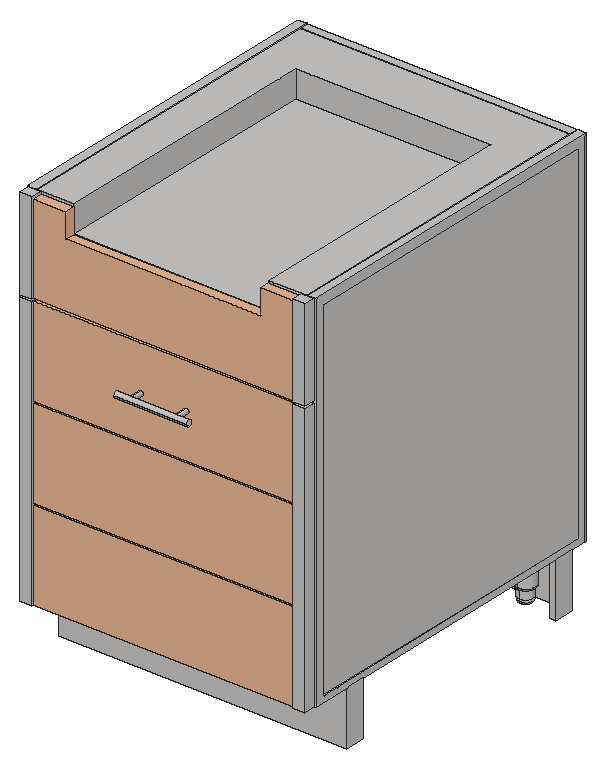
Revit family "Outdoor-Kitchen-Cabinets_Kalamazoo_Cooktop-Based-Cabinets_Arcadia", category Specialty Equipment, Revit 2018
Family settings
  Round Connector Dimension = Use Diameter
  Part Type = Normal
  OmniClass Number = 23.40.40.11
  OmniClass Title = Specialized Food Storage and Display Furnishings
  Work Plane-Based = No
  Always vertical = Yes
  Cut with Voids When Loaded = No
  Shared = No
  Room Calculation Point = No
Parameters (values of type "KD-24-CKTP")
  Ι_Gnrc Mdl Optn 02 = Extension : -3/4"
  Ι_Gnrc Mdl Optn 01 = Extension : +3/4"
  Ι_Bttm_Prfl [instance] = if(Height Extension = Ι_Gnrc Mdl Optn 01, 5 1/4", if(Height Extension = Ι_Gnrc Mdl Optn 02, 3 3/4", 4 1/2"))  # 4 1/2"
  Width = 24"  # constant formula
  Weight (lb) = 220.00 lbf
  URL = "https://kalamazoogourmet.com/products/arcadia-24-inch-cooktop-cabinet/"
  Right Hinge [instance] = not(Left Hinge)  # no
  Product data url = "https://www.bimobject.com/en-us/kalamazoogourmet/product/arcadia-cooktop-base-cabinet"
  Product Material = Kalamazoo - Stainless Steel - 304 OR 316L
  Panel Finish [instance] = Kalamazoo - Ipe Wood
  Optional Decorative Back Panel [instance] = no
  Model = "KD-24-CKTP"  # constant formula
  Manufacturer = "Kalamazoo Outdoor Gourmet"  # constant formula
  Left Hinge [instance] = yes
  Keynote = "11400"
  Height Extension [instance] = Extension : None
  Height [instance] = 30 1/2" + Ι_Bttm_Prfl  # 35"
  Front Toe-Kick [instance] = yes
  Description = "Arcadia 24-inch Cooktop Cabinet"
  Depth = 29 1/8"  # constant formula
  Back Toe-Kick [instance] = yes
  Assembly Code = "E1090300"
Reference planes (in)
  plane 1: y = 0
  plane 2: z = 0
  plane 3 "Center (Left/Right)": x = 0
  plane 4: x = -12
  plane 5: x = 12
  plane 6: x = -11.24947
  plane 7: x = 11.26003
  plane 8: x = 11.87546
  plane 9: x = -11.8649
  plane 10 "Center (Front/Back)": y = 13.77968
  plane 11: y = -15.34532
  plane 12: x = -10.8642
  plane 13: x = 10.87476
  plane 14: x = -1.89193
  plane 15: x = 1.89193
  plane 16: x = -3.01772
  plane 17: x = 3.01772
  plane 18: z = 35
  plane 19: x = -8.82527
  plane 20: x = 8.8125
  plane 21: x = -9.3906
  plane 22: x = 9.3906
  plane 23: z = 5.25
  plane 24: z = 4.5
  plane 25: z = 34.25
Forms (in)
  Revolve 1, solid, material "Kalamazoo - Stainless Steel - 304 OR 316L", detail levels coarse+medium
    sketch origin (-8.82527, -158.30525, 0.15636) x (0, 0, -1) y (0, -1, 0)
      loop
        line (-4.34384, -169.74079) -> (-4.34384, -170.55386) -> (0.15636, -170.55386) -> (0.15636, -169.74079) -> (-4.34384, -169.74079)
      axis (-4.34384, -169.74079) -> (0.15636, -169.74079)
    angle from 0 to 360
  Revolve 2, solid, material "Kalamazoo - Stainless Steel - 304 OR 316L", detail levels coarse+medium
    sketch origin (-8.82527, -158.30525, 0.15636) x (0, 0, -1) y (0, -1, 0)
      loop
        line (-4.34416, -169.74079) -> (-4.34416, -170.55386) -> (0.15636, -170.55386) -> (0.15636, -169.74079) -> (-4.34416, -169.74079)
      axis (-4.34416, -169.74079) -> (0.15636, -169.74079)
    angle from 0 to 360
  Revolve 3, solid, material "Kalamazoo - Stainless Steel - 304 OR 316L", detail levels fine
    sketch origin (-8.82527, -158.30525, 0.15636) x (0, 0, -1) y (0, -1, 0)
      loop
        line (0.15636, -169.74079) -> (-4.34405, -169.74079) -> (-4.34405, -170.55386) -> (-1.1483, -170.55386)
        arc (-1.1483, -170.55386) -> (-1.02584, -170.49675) -> (-0.99086, -170.36623) r 0.15987
        line (-0.99086, -170.36623) -> (-0.25643, -170.36623) -> (-0.25643, -170.30952) -> (0, -170.30952)
        arc (0, -170.30952) -> (0.11056, -170.26372) -> (0.15636, -170.15316) r 0.15636
        line (0.15636, -170.15316) -> (0.15636, -169.74079)
      axis (-4.34405, -169.74079) -> (0.15636, -169.74079)
    angle from 0 to 360
  Revolve 4, solid, material "Kalamazoo - Stainless Steel - 304 OR 316L", detail levels fine
    sketch origin (-8.82527, -158.30525, 0.15636) x (0, 0, -1) y (0, -1, 0)
      loop
        line (0.15636, -169.74079) -> (-4.34407, -169.74079) -> (-4.34407, -170.55386) -> (-1.1483, -170.55386)
        arc (-1.1483, -170.55386) -> (-1.02584, -170.49675) -> (-0.99086, -170.36623) r 0.15987
        line (-0.99086, -170.36623) -> (-0.25643, -170.36623) -> (-0.25643, -170.30952) -> (0, -170.30952)
        arc (0, -170.30952) -> (0.11056, -170.26372) -> (0.15636, -170.15316) r 0.15636
        line (0.15636, -170.15316) -> (0.15636, -169.74079)
      axis (-4.34407, -169.74079) -> (0.15636, -169.74079)
    angle from 0 to 360
  Revolve 5, solid, material "Kalamazoo - Stainless Steel - 304 OR 316L", detail levels coarse+medium
    sketch origin (-8.82527, -180, 0.15636) x (0, 0, -1) y (0, -1, 0)
      loop
        line (-4.34399, -169.74079) -> (-4.34399, -170.55386) -> (0.15636, -170.55386) -> (0.15636, -169.74079) -> (-4.34399, -169.74079)
      axis (-4.34399, -169.74079) -> (0.15636, -169.74079)
    angle from 0 to 360
  Revolve 6, solid, material "Kalamazoo - Stainless Steel - 304 OR 316L", detail levels coarse+medium
    sketch origin (-8.82527, -180, 0.15636) x (0, 0, -1) y (0, -1, 0)
      loop
        line (-4.34406, -169.74079) -> (-4.34406, -170.55386) -> (0.15636, -170.55386) -> (0.15636, -169.74079) -> (-4.34406, -169.74079)
      axis (-4.34406, -169.74079) -> (0.15636, -169.74079)
    angle from 0 to 360
  Revolve 7, solid, material "Kalamazoo - Stainless Steel - 304 OR 316L", detail levels fine
    sketch origin (-8.82527, -180, 0.15636) x (0, 0, -1) y (0, -1, 0)
      loop
        line (0.15636, -169.74079) -> (-4.34405, -169.74079) -> (-4.34405, -170.55386) -> (-1.1483, -170.55386)
        arc (-1.1483, -170.55386) -> (-1.02584, -170.49675) -> (-0.99086, -170.36623) r 0.15987
        line (-0.99086, -170.36623) -> (-0.25643, -170.36623) -> (-0.25643, -170.30952) -> (0, -170.30952)
        arc (0, -170.30952) -> (0.11056, -170.26372) -> (0.15636, -170.15316) r 0.15636
        line (0.15636, -170.15316) -> (0.15636, -169.74079)
      axis (-4.34405, -169.74079) -> (0.15636, -169.74079)
    angle from 0 to 360
  Revolve 8, solid, material "Kalamazoo - Stainless Steel - 304 OR 316L", detail levels fine
    sketch origin (-8.82527, -180, 0.15636) x (0, 0, -1) y (0, -1, 0)
      loop
        line (0.15636, -169.74079) -> (-4.34407, -169.74079) -> (-4.34407, -170.55386) -> (-1.1483, -170.55386)
        arc (-1.1483, -170.55386) -> (-1.02584, -170.49675) -> (-0.99086, -170.36623) r 0.15987
        line (-0.99086, -170.36623) -> (-0.25643, -170.36623) -> (-0.25643, -170.30952) -> (0, -170.30952)
        arc (0, -170.30952) -> (0.11056, -170.26372) -> (0.15636, -170.15316) r 0.15636
        line (0.15636, -170.15316) -> (0.15636, -169.74079)
      axis (-4.34407, -169.74079) -> (0.15636, -169.74079)
    angle from 0 to 360
  Revolve 9, solid, material "Kalamazoo - Stainless Steel - 304 OR 316L", detail levels fine
    sketch origin (8.82527, -158.30525, 0.15636) x (0, 0, -1) y (0, 1, 0)
      loop
        line (0.15636, 169.74079) -> (0.15636, 170.15316)
        arc (0.15636, 170.15316) -> (0.11056, 170.26372) -> (0, 170.30952) r 0.15636
        line (0, 170.30952) -> (-0.25643, 170.30952) -> (-0.25643, 170.36623) -> (-0.99086, 170.36623)
        arc (-0.99086, 170.36623) -> (-1.02584, 170.49675) -> (-1.1483, 170.55386) r 0.15987
        line (-1.1483, 170.55386) -> (-4.34407, 170.55386) -> (-4.34407, 169.74079) -> (0.15636, 169.74079)
      axis (-4.34407, 169.74079) -> (0.15636, 169.74079)
    angle from 0 to 360
  Revolve 10, solid, material "Kalamazoo - Stainless Steel - 304 OR 316L", detail levels fine
    sketch origin (8.82527, -180, 0.15636) x (0, 0, -1) y (0, 1, 0)
      loop
        line (0.15636, 169.74079) -> (0.15636, 170.15316)
        arc (0.15636, 170.15316) -> (0.11056, 170.26372) -> (0, 170.30952) r 0.15636
        line (0, 170.30952) -> (-0.25643, 170.30952) -> (-0.25643, 170.36623) -> (-0.99086, 170.36623)
        arc (-0.99086, 170.36623) -> (-1.02584, 170.49675) -> (-1.1483, 170.55386) r 0.15987
        line (-1.1483, 170.55386) -> (-4.34407, 170.55386) -> (-4.34407, 169.74079) -> (0.15636, 169.74079)
      axis (-4.34407, 169.74079) -> (0.15636, 169.74079)
    angle from 0 to 360
  Revolve 11, solid, material "Kalamazoo - Stainless Steel - 304 OR 316L", detail levels coarse+medium
    sketch origin (8.82527, -158.30525, 0.15636) x (0, 0, -1) y (0, 1, 0)
      loop
        line (-4.34416, 169.74079) -> (0.15636, 169.74079) -> (0.15636, 170.55386) -> (-4.34416, 170.55386) -> (-4.34416, 169.74079)
      axis (-4.34416, 169.74079) -> (0.15636, 169.74079)
    angle from 0 to 360
  Revolve 12, solid, material "Kalamazoo - Stainless Steel - 304 OR 316L", detail levels coarse+medium
    sketch origin (8.82527, -180, 0.15636) x (0, 0, -1) y (0, 1, 0)
      loop
        line (-4.34406, 169.74079) -> (0.15636, 169.74079) -> (0.15636, 170.55386) -> (-4.34406, 170.55386) -> (-4.34406, 169.74079)
      axis (-4.34406, 169.74079) -> (0.15636, 169.74079)
    angle from 0 to 360
  Extrusion 13, solid, material "Kalamazoo - Stainless Steel - 304 OR 316L" <- "Product Material", visible <- "Back Toe-Kick"
    sketch origin (0, -9.75763, 45.43725) x (0, 1, 0) y (-1, 0, 0)
      loop
        line (22.06624, -12) -> (22.06624, 12) -> (20.3801, 12) -> (20.3801, 11.5) -> (22.00624, 11.5) -> (22.00624, -11.5) -> (20.3801, -11.5) -> (20.3801, -12) -> (22.06624, -12)
    from -45.43725 to -40.93725
  Extrusion 14, solid, material "Kalamazoo - Stainless Steel - 304 OR 316L" <- "Product Material", visible <- "Front Toe-Kick"
    sketch origin (0, -9.75763, 45.43725) x (0, 1, 0) y (-1, 0, 0)
      loop
        line (0.31149, 11.5) -> (0.31149, 12) -> (-1.37465, 12) -> (-1.37465, -12) -> (0.31149, -12) -> (0.31149, -11.5) -> (-1.31465, -11.5) -> (-1.31465, 11.5) -> (0.31149, 11.5)
    from -45.43725 to -40.93725
Dimensions and locks (in)
  "Width": plane 4 to plane 5
  "Depth": plane 11 to plane 10 "Center (Front/Back)"
  locked: plane 4 to plane 6 at 0.75053
  locked: plane 7 to plane 5 at 0.73997
  locked: plane 13 to plane 8 at 1.0007
  locked: plane 9 to plane 12 at 1.0007
  locked: plane 4 to plane 9 at 0.1351
  locked: plane 8 to plane 5 at 0.12454
  equal spacing: plane 14, plane 3 "Center (Left/Right)", plane 15, locked at 1.89193 each  (x2)
  equal spacing: plane 16, plane 3 "Center (Left/Right)", plane 17, locked at 3.01772 each
  "Height": plane 18 to level
  locked: plane 19 to plane 4 at 3.17473
  locked: plane 5 to plane 20 at 3.1875
  equal spacing: plane 4, plane 3 "Center (Left/Right)", plane 5
  equal spacing: plane 17, plane 3 "Center (Left/Right)", plane 16, locked at 3.01772 each
  locked: plane 25 to plane 18 at 0.75
  locked: plane 23 to plane 24 at 0.75
  "Ι_Bttm_Prfl": plane 24 to plane 2
  locked: plane 4 to Extrusion 13 sketch curve at 0.5
  locked: Extrusion 13 sketch curve to plane 5 at 0.5
  Extrusion 13 sketch curve to Extrusion 13 sketch curve to Extrusion 13 sketch curve to plane 10 "Center (Front/Back)" = 1.62614" locked, 0.06" locked, 1.47107" locked
  locked: Extrusion 13 sketch curve to plane 10 "Center (Front/Back)" at 3.15722
  Extrusion 14 sketch curve to Extrusion 14 sketch curve to Extrusion 14 sketch curve to plane 11 = 1.62614" locked, 0.06" locked, 4.21303" locked
  locked: plane 11 to Extrusion 14 sketch curve at 5.89918
  locked: plane 4 to Extrusion 14 sketch curve at 0.5
  locked: Extrusion 14 sketch curve to plane 5 at 0.5
  aligned and locked: plane 2 to level
  aligned and locked: plane 24 to nested 1
  aligned and locked: plane 3 "Center (Left/Right)" to nested 1
  aligned and locked: Extrusion 13 sketch curve to plane 4
  aligned and locked: plane 5 to Extrusion 13 sketch curve
  aligned and locked: Extrusion 14 sketch curve to plane 4
  aligned and locked: plane 5 to Extrusion 14 sketch curve
  aligned and locked: Extrusion 14 to plane 2
  aligned and locked: plane 24 to Extrusion 14
  aligned and locked: Extrusion 13 to plane 2
  aligned and locked: plane 24 to Extrusion 13
Automatic sketch dimensions
  Revolve 1 sketch curve to level = 0"  (x2)
  plane 24 to Revolve 1 sketch curve = 0.0002"
  plane 10 "Center (Front/Back)" to Revolve 1 sketch curve = 1.53107"
  Revolve 1 sketch curve to Revolve 1 sketch curve = 0.81307"
  Revolve 1 sketch curve to Revolve 1 sketch curve = 1 3/4"
  Revolve 1 sketch curve to Revolve 1 sketch curve = 0"
  Revolve 2 sketch curve to level = 0"  (x2)
  plane 24 to Revolve 2 sketch curve = 0.00052"
  plane 10 "Center (Front/Back)" to Revolve 2 sketch curve = 1.53107"
  Revolve 2 sketch curve to Revolve 2 sketch curve = 0.81307"
  Revolve 2 sketch curve to Revolve 2 sketch curve = 1 3/4"
  Revolve 2 sketch curve to Revolve 2 sketch curve = 0"
  Revolve 3 sketch curve to level = 0"  (x2)
  level to Revolve 3 sketch curve = 0.15636"
  Revolve 3 sketch curve to Revolve 3 sketch curve = 0.25643"
  Revolve 3 sketch curve to Revolve 3 sketch curve = 0.73444"
  Revolve 3 sketch curve to Revolve 3 sketch curve = 0.15744"
  plane 24 to Revolve 3 sketch curve = 0.00041"
  plane 10 "Center (Front/Back)" to Revolve 3 sketch curve = 1.53107"
  Revolve 3 sketch curve to Revolve 3 sketch curve = 0.15987"
  Revolve 3 sketch curve to Revolve 3 sketch curve = 0.05671"
  Revolve 3 sketch curve to Revolve 3 sketch curve = 0.81307"
  Revolve 3 sketch curve to Revolve 3 sketch curve = 0.63322"
  Revolve 3 sketch curve to Revolve 3 sketch curve = 0"
  Revolve 4 sketch curve to level = 0"  (x2)
  level to Revolve 4 sketch curve = 0.15636"
  Revolve 4 sketch curve to Revolve 4 sketch curve = 0.25643"
  Revolve 4 sketch curve to Revolve 4 sketch curve = 0.73444"
  Revolve 4 sketch curve to Revolve 4 sketch curve = 0.15744"
  plane 24 to Revolve 4 sketch curve = 0.00043"
  plane 10 "Center (Front/Back)" to Revolve 4 sketch curve = 1.53107"
  Revolve 4 sketch curve to Revolve 4 sketch curve = 0.15987"
  Revolve 4 sketch curve to Revolve 4 sketch curve = 0.05671"
  Revolve 4 sketch curve to Revolve 4 sketch curve = 0.81307"
  Revolve 4 sketch curve to Revolve 4 sketch curve = 0.63322"
  Revolve 4 sketch curve to Revolve 4 sketch curve = 0"
  Revolve 5 sketch curve to level = 0"  (x2)
  plane 24 to Revolve 5 sketch curve = 0.00035"
  plane 11 to Revolve 5 sketch curve = 5.89918"
  Revolve 5 sketch curve to Revolve 5 sketch curve = 0.81307"
  Revolve 5 sketch curve to level = 1 3/4"
  Revolve 5 sketch curve to Revolve 5 sketch curve = 0"
  Revolve 6 sketch curve to level = 0"  (x2)
  plane 24 to Revolve 6 sketch curve = 0.00042"
  plane 11 to Revolve 6 sketch curve = 5.89918"
  Revolve 6 sketch curve to Revolve 6 sketch curve = 0.81307"
  Revolve 6 sketch curve to level = 1 3/4"
  Revolve 6 sketch curve to Revolve 6 sketch curve = 0"
  Revolve 7 sketch curve to level = 0"  (x2)
  Revolve 7 sketch curve to Revolve 7 sketch curve = 0.15636"
  Revolve 7 sketch curve to Revolve 7 sketch curve = 0.25643"
  Revolve 7 sketch curve to Revolve 7 sketch curve = 0.73444"
  Revolve 7 sketch curve to Revolve 7 sketch curve = 0.15744"
  plane 24 to Revolve 7 sketch curve = 0.00041"
  plane 11 to Revolve 7 sketch curve = 5.89918"
  Revolve 7 sketch curve to Revolve 7 sketch curve = 0.15987"
  Revolve 7 sketch curve to Revolve 7 sketch curve = 0.05671"
  Revolve 7 sketch curve to Revolve 7 sketch curve = 0.81307"
  Revolve 7 sketch curve to level = 0.63322"
  Revolve 7 sketch curve to Revolve 7 sketch curve = 0"
  Revolve 8 sketch curve to level = 0"  (x2)
  Revolve 8 sketch curve to Revolve 8 sketch curve = 0.15636"
  Revolve 8 sketch curve to Revolve 8 sketch curve = 0.25643"
  Revolve 8 sketch curve to Revolve 8 sketch curve = 0.73444"
  Revolve 8 sketch curve to Revolve 8 sketch curve = 0.15744"
  plane 24 to Revolve 8 sketch curve = 0.00043"
  plane 11 to Revolve 8 sketch curve = 5.89918"
  Revolve 8 sketch curve to Revolve 8 sketch curve = 0.15987"
  Revolve 8 sketch curve to Revolve 8 sketch curve = 0.05671"
  Revolve 8 sketch curve to Revolve 8 sketch curve = 0.81307"
  Revolve 8 sketch curve to level = 0.63322"
  Revolve 8 sketch curve to Revolve 8 sketch curve = 0"
  Revolve 9 sketch curve to level = 0"  (x2)
  level to Revolve 9 sketch curve = 0.15636"
  Revolve 9 sketch curve to Revolve 9 sketch curve = 0.25643"
  Revolve 9 sketch curve to Revolve 9 sketch curve = 0.73444"
  Revolve 9 sketch curve to Revolve 9 sketch curve = 0.15744"
  plane 24 to Revolve 9 sketch curve = 0.00043"
  plane 10 "Center (Front/Back)" to Revolve 9 sketch curve = 2.34415"
  Revolve 9 sketch curve to Revolve 9 sketch curve = 0.41237"
  Revolve 9 sketch curve to Revolve 9 sketch curve = 0.05671"
  Revolve 9 sketch curve to Revolve 9 sketch curve = 0.02776"
  Revolve 9 sketch curve to Revolve 9 sketch curve = 0.63322"
  Revolve 9 sketch curve to Revolve 9 sketch curve = 0"
  Revolve 10 sketch curve to level = 0"  (x2)
  level to Revolve 10 sketch curve = 0.15636"
  Revolve 10 sketch curve to Revolve 10 sketch curve = 0.25643"
  Revolve 10 sketch curve to Revolve 10 sketch curve = 0.73444"
  Revolve 10 sketch curve to Revolve 10 sketch curve = 0.15744"
  plane 24 to Revolve 10 sketch curve = 0.00043"
  plane 11 to Revolve 10 sketch curve = 5.0861"
  Revolve 10 sketch curve to Revolve 10 sketch curve = 0.41237"
  Revolve 10 sketch curve to Revolve 10 sketch curve = 0.05671"
  Revolve 10 sketch curve to Revolve 10 sketch curve = 0.02776"
  Revolve 10 sketch curve to Revolve 10 sketch curve = 0.63322"
  Revolve 10 sketch curve to Revolve 10 sketch curve = 0"
  Revolve 11 sketch curve to level = 0"  (x2)
  plane 24 to Revolve 11 sketch curve = 0.00052"
  plane 10 "Center (Front/Back)" to Revolve 11 sketch curve = 2.34415"
  Revolve 11 sketch curve to Revolve 11 sketch curve = 0.81307"
  Revolve 11 sketch curve to Revolve 11 sketch curve = 1 3/4"
  Revolve 11 sketch curve to Revolve 11 sketch curve = 0"
  Revolve 12 sketch curve to level = 0"  (x2)
  plane 24 to Revolve 12 sketch curve = 0.00042"
  plane 11 to Revolve 12 sketch curve = 5.0861"
  Revolve 12 sketch curve to Revolve 12 sketch curve = 0.81307"
  Revolve 12 sketch curve to Revolve 12 sketch curve = 1 3/4"
  Revolve 12 sketch curve to Revolve 12 sketch curve = 0"
Nested families (in)
  nested 1: "Cooktop-Based-Cabinets" at (0, 0, 0.75), type "Cab"
Definition of nested family "Cooktop-Based-Cabinets"
  Parameters (values of type "Cab")
    Ι_Gd Rl120 = no
    Ι_Gd Rl100 = no
    Ι_FT60 = yes
    Width = 24"
    URL = "https://kalamazoogourmet.com/products/arcadia-24-inch-cooktop-cabinet/"
    Product Material = none
    Panel = none
    Model = "KD-24-CKTP"  # constant formula
    Manufacturer = "Kalamazoo"  # constant formula
    Keynote = "11400"
    Height = 35"
    Description = "ARCADIA 24-INCH COOKTOP CABINET"
    Depth = 29 1/8"
    Decorative Back Panel = no
    Assembly Code = "E1090300"
  Reference planes (in)
    plane 1: y = 0
    plane 2: z = 0
    plane 3 "Center (Left/Right)": x = 0
    plane 4: x = -12
    plane 5: x = 12
    plane 6: x = -11.24947
    plane 7: x = 11.26003
    plane 8: x = 11.87546
    plane 9: x = -11.8649
    plane 10 "Center (Front/Back)": y = 13.77968
    plane 11: y = -15.34532
    plane 12: x = -10.8642
    plane 13: x = 10.87476
    plane 14: x = -1.89193
    plane 15: x = 1.89193
    plane 16: x = -3.01772
    plane 17: x = 3.01772
    plane 18: z = 35
    plane 19: x = -8.82527
    plane 20: x = 8.8125
    plane 21: x = -9.3906
    plane 22: x = 9.3906
    plane 23: z = 4.5
    plane 24: z = 3.75
    plane 25: z = 34.25
  Forms (in)
    Extrusion 1, void
      sketch origin (-8.5, -23.9075, 48) x (0, 1, 0) y (0, 0, 1)
        loop
          line (36.93666, -43) -> (36.93666, -13.75) -> (10.21189, -13.75) -> (10.21189, -43) -> (36.93666, -43)
      from -3.5 to -3.3649
    Extrusion 2, void
      sketch origin (8.5, -23.9075, 48) x (0, 1, 0) y (0, 0, -1)
        loop
          line (36.93666, 43) -> (10.21189, 43) -> (10.21189, 13.75) -> (36.93666, 13.75) -> (36.93666, 43)
      from -3.5 to -3.37546
    Extrusion 3, void
      sketch origin (0, 0, 0) x (1, 0, 0) y (0, 0, 1)
        loop
          line (-8.125, 32.75) -> (8.125, 32.75) -> (8.125, 35) -> (-8.125, 35) -> (-8.125, 32.75)
      from -8.63795 to 15.40763
    Extrusion 4, solid, material <- "Product Material", visible <- "Ι_FT60", detail levels coarse+medium
      sketch origin (0, -9.75763, 45.43725) x (0, 1, 0) y (-1, 0, 0)
        loop
          line (23.42724, 12) -> (-4.55241, 12)
          arc (-4.55241, 12) -> (-4.63024, 11.96776) -> (-4.66248, 11.88993) r 0.11007
          line (-4.66248, 11.88993) -> (-4.66248, 11.35963)
          arc (-4.66248, 11.35963) -> (-4.63021, 11.28174) -> (-4.55232, 11.24947) r 0.11016
          line (-4.55232, 11.24947) -> (23.42722, 11.24947)
          arc (23.42722, 11.24947) -> (23.50508, 11.28172) -> (23.53732, 11.35958) r 0.11011
          line (23.53732, 11.35958) -> (23.53732, 11.88992)
          arc (23.53732, 11.88992) -> (23.50508, 11.96776) -> (23.42724, 12) r 0.11008
        loop
          arc (23.42724, -12) -> (23.50508, -11.96776) -> (23.53732, -11.88992) r 0.11008
          line (23.53732, -11.88992) -> (23.53732, -11.37013)
          arc (23.53732, -11.37013) -> (23.50508, -11.29227) -> (23.42722, -11.26003) r 0.11011
          line (23.42722, -11.26003) -> (-4.55232, -11.26003)
          arc (-4.55232, -11.26003) -> (-4.63021, -11.29229) -> (-4.66248, -11.37019) r 0.11016
          line (-4.66248, -11.37019) -> (-4.66248, -11.88993)
          arc (-4.66248, -11.88993) -> (-4.63024, -11.96776) -> (-4.55241, -12) r 0.11007
          line (-4.55241, -12) -> (23.42724, -12)
      from -41.68725 to -11.18725
    Extrusion 5, solid, material <- "Product Material", visible <- "Ι_FT60", detail levels fine
      sketch origin (0, -9.75763, 45.43725) x (0, 1, 0) y (-1, 0, 0)
        loop
          line (23.42724, 12) -> (-4.55241, 12)
          arc (-4.55241, 12) -> (-4.63024, 11.96776) -> (-4.66248, 11.88993) r 0.11007
          line (-4.66248, 11.88993) -> (-4.66248, 11.35963)
          arc (-4.66248, 11.35963) -> (-4.63021, 11.28174) -> (-4.55232, 11.24947) r 0.11016
          line (-4.55232, 11.24947) -> (23.42722, 11.24947)
          arc (23.42722, 11.24947) -> (23.50508, 11.28172) -> (23.53732, 11.35958) r 0.11011
          line (23.53732, 11.35958) -> (23.53732, 11.88992)
          arc (23.53732, 11.88992) -> (23.50508, 11.96776) -> (23.42724, 12) r 0.11008
        loop
          arc (23.42724, -12) -> (23.50508, -11.96776) -> (23.53732, -11.88992) r 0.11008
          line (23.53732, -11.88992) -> (23.53732, -11.37013)
          arc (23.53732, -11.37013) -> (23.50508, -11.29227) -> (23.42722, -11.26003) r 0.11011
          line (23.42722, -11.26003) -> (-4.55232, -11.26003)
          arc (-4.55232, -11.26003) -> (-4.63021, -11.29229) -> (-4.66248, -11.37019) r 0.11016
          line (-4.66248, -11.37019) -> (-4.66248, -11.88993)
          arc (-4.66248, -11.88993) -> (-4.63024, -11.96776) -> (-4.55241, -12) r 0.11007
          line (-4.55241, -12) -> (23.42724, -12)
      from -41.68725 to -11.18725
    Extrusion 6, void
      sketch origin (-8.5, -23.9075, 47.25) x (0, 1, 0) y (0, 0, 1)
        loop
          line (36.93666, -43) -> (36.93666, -13.75) -> (10.21189, -13.75) -> (10.21189, -43) -> (36.93666, -43)
      from -3.5 to -3.3649
    Extrusion 7, void
      sketch origin (8.5, -23.9075, 47.25) x (0, 1, 0) y (0, 0, -1)
        loop
          line (36.93666, 43) -> (10.21189, 43) -> (10.21189, 13.75) -> (36.93666, 13.75) -> (36.93666, 43)
      from -3.5 to -3.3649
    Extrusion 8, solid, material <- "Product Material", visible <- "Ι_FT60"
      sketch origin (0, -9.75763, 45.43725) x (0, 1, 0) y (-1, 0, 0)
        loop
          line (22.78679, -11.26003) -> (22.78679, 11.24947) -> (-4.55229, 11.24947)
          arc (-4.55229, 11.24947) -> (-4.63022, 11.21719) -> (-4.66251, 11.13926) r 0.11022
          line (-4.66251, 11.13926) -> (-4.66251, -11.15025)
          arc (-4.66251, -11.15025) -> (-4.63035, -11.22787) -> (-4.55273, -11.26003) r 0.10978
          line (-4.55273, -11.26003) -> (22.78679, -11.26003)
      from -41.68725 to -11.18725
    Extrusion 9, void
      sketch origin (0, 0, -0.75) x (1, 0, 0) y (0, 0, 1)
        loop
          line (-8.125, 32.75) -> (8.125, 32.75) -> (8.125, 35) -> (-8.125, 35) -> (-8.125, 32.75)
      from -8.63795 to 15.40763
    Extrusion 10, solid, visible <- "Ι_FT60"
      sketch origin (0, 0, 0) x (1, 0, 0) y (0, 0, 1)
        loop
          line (-11.8649, 26.40799) -> (-11.8649, 3.75) -> (-10.8642, 3.75) -> (-10.8642, 26.40799) -> (-11.8649, 26.40799)
        loop
          line (11.87546, 26.40799) -> (10.87476, 26.40799) -> (10.87476, 3.75) -> (11.87546, 3.75) -> (11.87546, 26.40799)
      from 14.45141 to 15.36205
    Extrusion 11, solid, visible <- "Ι_FT60"
      sketch origin (0, 0, 0) x (1, 0, 0) y (0, 0, 1)
        loop
          line (-11.8649, 34.25) -> (-11.8649, 26.60125) -> (-10.8642, 26.60125) -> (-10.8642, 34.25) -> (-11.8649, 34.25)
        loop
          line (11.87546, 34.25) -> (10.87476, 34.25) -> (10.87476, 26.60125) -> (11.87546, 26.60125) -> (11.87546, 34.25)
      from 14.45141 to 15.36205
    Extrusion 12, solid, material <- "Panel", visible <- "Ι_FT60"
      sketch origin (0, 0, 0) x (1, 0, 0) y (0, 0, 1)
        loop
          line (-10.8642, 34.07131) -> (-10.8642, 26.62608) -> (10.87476, 26.62608) -> (10.87476, 34.07131) -> (-10.8642, 34.07131)
        loop
          line (-10.8642, 26.44345) -> (-10.8642, 18.99822) -> (10.87476, 18.99822) -> (10.87476, 26.44345) -> (-10.8642, 26.44345)
        loop
          line (-10.8642, 18.82059) -> (-10.8642, 11.37536) -> (10.87476, 11.37536) -> (10.87476, 18.82059) -> (-10.8642, 18.82059)
        loop
          line (-10.8642, 11.19523) -> (-10.8642, 3.75) -> (10.87476, 3.75) -> (10.87476, 11.19523) -> (-10.8642, 11.19523)
      from 14.45141 to 15.25197
    Extrusion 13, solid, visible <- "Ι_FT60", detail levels fine
      sketch origin (-8.5, -23.9075, 39.62214) x (0, 1, 0) y (0, 0, 1)
        loop
          circle (7.52997, -16.94628) r 0.2366
      from 5.48228 to 11.51772
    Revolve 14, solid, visible <- "Ι_FT60", detail levels fine
      sketch origin (-1.89193, -16.23856, 47.25) x (0, -1, 0) y (0, 0, 1)
        loop
          line (-0.0086, -24.57414) -> (-0.0086, -24.3815) -> (-0.98659, -24.3815) -> (-0.98659, -24.57414) -> (-0.0086, -24.57414)
        axis (-0.98659, -24.57414) -> (-0.0086, -24.57414)
      angle from 0 to 360
    Revolve 15, solid, visible <- "Ι_FT60", detail levels fine
      sketch origin (1.89193, -16.23856, 47.25) x (0, -1, 0) y (0, 0, 1)
        loop
          line (-0.0086, -24.57414) -> (-0.0086, -24.3815) -> (-0.98659, -24.3815) -> (-0.98659, -24.57414) -> (-0.0086, -24.57414)
        axis (-0.98659, -24.57414) -> (-0.0086, -24.57414)
      angle from 0 to 360
    Extrusion 16, solid, visible <- "Decorative Back Panel"
      sketch origin (0, -0.67188, 0) x (1, 0, 0) y (0, 0, -1)
        loop
          line (-11.8649, -26.40799) -> (-10.8642, -26.40799) -> (-10.8642, -3.75) -> (-11.8649, -3.75) -> (-11.8649, -26.40799)
        loop
          line (11.87546, -26.40799) -> (11.87546, -3.75) -> (10.87476, -3.75) -> (10.87476, -26.40799) -> (11.87546, -26.40799)
      from 14.45141 to 15.36205
    Extrusion 17, solid, visible <- "Decorative Back Panel"
      sketch origin (0, -0.67188, 0) x (1, 0, 0) y (0, 0, -1)
        loop
          line (-11.8649, -34.25) -> (-10.8642, -34.25) -> (-10.8642, -26.60125) -> (-11.8649, -26.60125) -> (-11.8649, -34.25)
        loop
          line (11.87546, -34.25) -> (11.87546, -26.60125) -> (10.87476, -26.60125) -> (10.87476, -34.25) -> (11.87546, -34.25)
      from 14.45141 to 15.36205
    Extrusion 18, solid, material <- "Panel", visible <- "Decorative Back Panel"
      sketch origin (0, -0.67188, 0) x (1, 0, 0) y (0, 0, -1)
        loop
          line (-10.8642, -34.07131) -> (10.87476, -34.07131) -> (10.87476, -26.62608) -> (-10.8642, -26.62608) -> (-10.8642, -34.07131)
        loop
          line (-10.8642, -26.44345) -> (10.87476, -26.44345) -> (10.87476, -18.99822) -> (-10.8642, -18.99822) -> (-10.8642, -26.44345)
        loop
          line (-10.8642, -18.82059) -> (10.87476, -18.82059) -> (10.87476, -11.37536) -> (-10.8642, -11.37536) -> (-10.8642, -18.82059)
        loop
          line (-10.8642, -11.19523) -> (10.87476, -11.19523) -> (10.87476, -3.75) -> (-10.8642, -3.75) -> (-10.8642, -11.19523)
      from 14.45141 to 15.25197
    Extrusion 19, solid, material <- "Product Material", detail levels fine
      sketch origin (0, -9.75763, 45.43725) x (0, 1, 0) y (-1, 0, 0)
        loop
          line (22.78679, 11.24947) -> (22.78679, -11.26003) -> (23.53716, -11.26003) -> (23.53716, 11.24947) -> (22.78679, 11.24947)
      from -41.68725 to -11.18725
  Cuts and joins
    Extrusion 6, Extrusion 7 cuts Extrusion 5
    Extrusion 9 cuts Extrusion 8
    Extrusion 9 cuts Extrusion 12
  Lines and regions (in)
    Masking region 1, detail levels fine
      outline origin (0, -9.75763, 45.43725) x (0, 1, 0) y (-1, 0, 0)
        loop
          arc (23.42722, 11.24947) -> (23.50508, 11.28172) -> (23.53732, 11.35958) r 0.11011
          line (23.53732, 11.35958) -> (23.53732, 11.88992)
          arc (23.53732, 11.88992) -> (23.50508, 11.96776) -> (23.42724, 12) r 0.11008
          line (23.42724, 12) -> (-4.55241, 12)
          arc (-4.55241, 12) -> (-4.63024, 11.96776) -> (-4.66248, 11.88993) r 0.11007
          line (-4.66248, 11.88993) -> (-4.66248, 11.35963)
          arc (-4.66248, 11.35963) -> (-4.63021, 11.28174) -> (-4.55232, 11.24947) r 0.11016
          line (-4.55232, 11.24947) -> (23.42722, 11.24947)
        loop
          arc (23.53732, -11.37013) -> (23.50508, -11.29227) -> (23.42722, -11.26003) r 0.11011
          line (23.42722, -11.26003) -> (-4.55232, -11.26003)
          arc (-4.55232, -11.26003) -> (-4.63021, -11.29229) -> (-4.66248, -11.37019) r 0.11016
          line (-4.66248, -11.37019) -> (-4.66248, -11.88993)
          arc (-4.66248, -11.88993) -> (-4.63024, -11.96776) -> (-4.55241, -12) r 0.11007
          line (-4.55241, -12) -> (23.42724, -12)
          arc (23.42724, -12) -> (23.50508, -11.96776) -> (23.53732, -11.88992) r 0.11008
          line (23.53732, -11.88992) -> (23.53732, -11.37013)
    Masking region 2, detail levels fine
      outline origin (0, -9.75763, 45.43725) x (0, 1, 0) y (-1, 0, 0)
        loop
          arc (23.53731, 11.1394) -> (23.50507, 11.21723) -> (23.42724, 11.24947) r 0.11008
          line (23.42724, 11.24947) -> (22.89686, 11.24947)
          arc (22.89686, 11.24947) -> (22.81903, 11.21723) -> (22.78679, 11.1394) r 0.11008
          line (22.78679, 11.1394) -> (22.78679, -11.15169)
          arc (22.78679, -11.15169) -> (22.81852, -11.22829) -> (22.89513, -11.26003) r 0.10834
          line (22.89513, -11.26003) -> (23.42897, -11.26003)
          arc (23.42897, -11.26003) -> (23.50558, -11.22829) -> (23.53731, -11.15169) r 0.10834
          line (23.53731, -11.15169) -> (23.53731, 11.1394)
    Masking region 3, detail levels fine
      outline origin (0, -9.75763, 45.43725) x (0, 1, 0) y (-1, 0, 0)
        loop
          line (-4.69378, 11.8649) -> (-5.60442, 11.8649) -> (-5.60442, 10.8642) -> (-4.69378, 10.8642) -> (-4.69378, 11.8649)
        loop
          line (-4.69378, -10.87476) -> (-5.60442, -10.87476) -> (-5.60442, -11.87546) -> (-4.69378, -11.87546) -> (-4.69378, -10.87476)
    Masking region 4, detail levels fine
      outline origin (0, -9.75763, 45.43725) x (0, 1, 0) y (-1, 0, 0)
        loop
          line (-4.69378, -8.125) -> (-5.49434, -8.125) -> (-5.49434, -10.87476) -> (-4.69378, -10.87476) -> (-4.69378, -8.125)
        loop
          line (-5.49434, 10.8642) -> (-5.49434, 8.125) -> (-4.69378, 8.125) -> (-4.69378, 10.8642) -> (-5.49434, 10.8642)
    Masking region 5, detail levels medium+fine
      outline origin (0, -9.75763, 45.43725) x (0, 1, 0) y (-1, 0, 0)
        loop
          arc (-4.55229, 11.24947) -> (-4.63022, 11.21719) -> (-4.66251, 11.13926) r 0.11022
          line (-4.66251, 11.13926) -> (-4.66251, 8.125) -> (18.39558, 8.125) -> (18.39558, -8.125) -> (-4.66251, -8.125) -> (-4.66251, -11.15025)
          arc (-4.66251, -11.15025) -> (-4.63035, -11.22787) -> (-4.55273, -11.26003) r 0.10978
          line (-4.55273, -11.26003) -> (22.78679, -11.26003) -> (22.78679, 11.24947) -> (-4.55229, 11.24947)
    Masking region 6, detail levels fine
      outline origin (0, -9.75763, 45.43725) x (0, 1, 0) y (-1, 0, 0)
        loop
          line (-5.49434, 10.8642) -> (-5.49434, 8.125) -> (-4.69378, 8.125) -> (-4.69378, 10.8642) -> (-5.49434, 10.8642)
        loop
          line (-5.49434, -8.125) -> (-5.49434, -10.87476) -> (-4.69378, -10.87476) -> (-4.69378, -8.125) -> (-5.49434, -8.125)
    Masking region 7, detail levels fine
      outline origin (0, -9.75763, 45.43725) x (0, 1, 0) y (-1, 0, 0)
        loop
          line (-6.3833, 3.01772) -> (-6.8565, 3.01772) -> (-6.8565, -3.01772) -> (-6.3833, -3.01772) -> (-6.3833, 3.01772)
    Masking region 8, detail levels fine
      outline origin (0, -9.75763, 45.43725) x (0, 1, 0) y (-1, 0, 0)
        loop
          line (-5.49434, 2.08457) -> (-6.3833, 2.08457) -> (-6.3833, 1.70065) -> (-5.49434, 1.70065) -> (-5.49434, 2.08457)
        loop
          line (-5.49434, -1.6993) -> (-6.3833, -1.6993) -> (-6.3833, -2.08446) -> (-5.49434, -2.08446) -> (-5.49434, -1.6993)
    Masking region 9, detail levels coarse+medium
      outline origin (0, -9.75763, 45.43725) x (0, 1, 0) y (-1, 0, 0)
        loop
          line (23.53731, 12) -> (-5.60442, 12) -> (-5.60442, 8.125) -> (-4.66251, 8.125) -> (-4.66251, 11.24947) -> (22.78679, 11.24947) -> (22.78679, -11.26003) -> (-4.66251, -11.26003) -> (-4.66251, -8.125) -> (-5.60442, -8.125) -> (-5.60442, -12) -> (23.53731, -12) -> (23.53731, 12)
    Masking region 10, detail levels coarse
      outline origin (0, -9.75763, 45.43725) x (0, 1, 0) y (-1, 0, 0)
        loop
          line (22.78679, 11.24947) -> (-4.66251, 11.24947) -> (-4.66251, 8.125) -> (-5.49434, 8.125) -> (-5.49434, -8.125) -> (-4.66251, -8.125) -> (-4.66251, -11.26003) -> (22.78679, -11.26003) -> (22.78679, 11.24947)
    Masking region 11, visible <- "Decorative Back Panel", detail levels fine
      outline origin (0, 9.08575, 45.43725) x (0, -1, 0) y (1, 0, 0)
        loop
          line (-4.69378, -11.8649) -> (-4.69378, -10.8642) -> (-5.60442, -10.8642) -> (-5.60442, -11.8649) -> (-4.69378, -11.8649)
        loop
          line (-4.69378, 10.87476) -> (-4.69378, 11.87546) -> (-5.60442, 11.87546) -> (-5.60442, 10.87476) -> (-4.69378, 10.87476)
    Masking region 12, visible <- "Decorative Back Panel"
      outline origin (0, -9.75763, 45.43725) x (0, 1, 0) y (-1, 0, 0)
        loop
          line (24.33772, -10.87476) -> (24.33772, 10.8642) -> (23.53716, 10.8642) -> (23.53716, -10.87476) -> (24.33772, -10.87476)
    symbolic lines
      curve 1: line (-8.125, -15.25197, 45.43725) -> (8.125, -15.25197, 45.43725)
  Dimensions and locks (in)
    "Width": plane 4 to plane 5
    "Depth": plane 11 to plane 10 "Center (Front/Back)"
    locked: plane 4 to plane 6 at 0.75053
    locked: plane 7 to plane 5 at 0.73997
    locked: plane 13 to plane 8 at 1.0007
    locked: plane 9 to plane 12 at 1.0007
    locked: plane 4 to plane 9 at 0.1351
    locked: plane 8 to plane 5 at 0.12454
    equal spacing: plane 14, plane 3 "Center (Left/Right)", plane 15, locked at 1.89193 each  (x2)
    equal spacing: plane 16, plane 3 "Center (Left/Right)", plane 17, locked at 3.01772 each
    "Height": plane 18 to level
    locked: plane 19 to plane 4 at 3.17473
    locked: plane 5 to plane 20 at 3.1875
    equal spacing: plane 4, plane 3 "Center (Left/Right)", plane 5
    equal spacing: plane 17, plane 3 "Center (Left/Right)", plane 16, locked at 3.01772 each
    locked: plane 23 to level at 4.5
    locked: plane 23 to plane 24 at 0.75
    locked: plane 25 to plane 18 at 0.75
    aligned and locked: plane 2 to level
    aligned and locked: Extrusion 2 to plane 5
    aligned and locked: Extrusion 2 to plane 8
    aligned and locked: Masking region 1 sketch curve to plane 4
    aligned and locked: Masking region 1 sketch curve to plane 6
    aligned and locked: Masking region 1 sketch curve to plane 7
    aligned and locked: Masking region 1 sketch curve to plane 5
    aligned and locked: plane 6 to Masking region 2 sketch curve
    aligned and locked: plane 7 to Masking region 2 sketch curve
    aligned and locked: Masking region 3 sketch curve to plane 9
    aligned and locked: Masking region 3 sketch curve to plane 12
    aligned and locked: Masking region 3 sketch curve to plane 13
    aligned and locked: Masking region 3 sketch curve to plane 8
    aligned and locked: plane 13 to Masking region 4 sketch curve
    aligned and locked: plane 12 to Masking region 4 sketch curve
    aligned and locked: Masking region 12 sketch curve to Extrusion 18  (x4)
    aligned and locked: cut or joined group of Extrusion 5, Extrusion 6, Extrusion 7 to Extrusion 19 sketch curve
    aligned and locked: Extrusion 19 sketch curve to Extrusion 18
    aligned and locked: Extrusion 19 sketch curve to cut or joined group of Extrusion 8, Extrusion 9
    aligned and locked: Extrusion 19 sketch curve to cut or joined group of Extrusion 5, Extrusion 6, Extrusion 7
    aligned and locked: Extrusion 19 to plane 24
    aligned and locked: plane 25 to Extrusion 19
  Automatic sketch dimensions
    plane 11 to curve 1 = 0.09335"
    curve 1 to plane 20 = 11/16"
    curve 1 to plane 19 = 0.70027"
    plane 23 to Extrusion 1 sketch curve = 1/2"
    plane 11 to Extrusion 1 sketch curve = 1.64971"
    plane 25 to Extrusion 1 sketch curve = 0"
    plane 10 "Center (Front/Back)" to Extrusion 1 sketch curve = 0.75052"
    plane 23 to Extrusion 2 sketch curve = 1/2"
    plane 11 to Extrusion 2 sketch curve = 1.64971"
    plane 25 to Extrusion 2 sketch curve = 0"
    plane 10 "Center (Front/Back)" to Extrusion 2 sketch curve = 0.75052"
    plane 9 to Masking region 1 sketch curve = 0.02503"
    plane 11 to Masking region 1 sketch curve = 0.92521"  (x2)
    plane 7 to Masking region 1 sketch curve = 0.11016"
    Masking region 1 sketch curve to Masking region 1 sketch curve = 0.11007"
    plane 6 to Masking region 1 sketch curve = 0.11016"
    plane 10 "Center (Front/Back)" to Masking region 1 sketch curve = 0.11009"  (x2)
    plane 10 "Center (Front/Back)" to Masking region 1 sketch curve = 0.11007"  (x2)
    Masking region 1 sketch curve to plane 10 "Center (Front/Back)" = 0"  (x2)
    plane 10 "Center (Front/Back)" to Masking region 2 sketch curve = 0"
    Masking region 2 sketch curve to plane 7 = 0.10834"  (x2)
    plane 10 "Center (Front/Back)" to Masking region 2 sketch curve = 0.11008"
    Masking region 2 sketch curve to plane 6 = 0.11008"
    Masking region 2 sketch curve to Masking region 2 sketch curve = 0.53038"
    Masking region 3 sketch curve to plane 11 = 0.01673"  (x2)
    plane 11 to Masking region 3 sketch curve = 0.89391"  (x2)
    plane 11 to Masking region 4 sketch curve = 0.09335"  (x2)
    Masking region 4 sketch curve to Masking region 4 sketch curve = 0.80056"  (x2)
    Masking region 4 sketch curve to plane 20 = 11/16"
    Masking region 4 sketch curve to plane 19 = 0.70027"
    Extrusion 3 sketch curve to plane 18 = 0"
    Extrusion 3 sketch curve to plane 19 = 0.70027"
    Extrusion 3 sketch curve to plane 20 = 11/16"
    Extrusion 3 sketch curve to plane 25 = 1 1/2"
    Masking region 5 sketch curve to plane 7 = 0"
    Masking region 5 sketch curve to plane 6 = 0"
    plane 11 to Masking region 5 sketch curve = 0.92518"  (x2)
    Masking region 5 sketch curve to plane 6 = 0.11022"
    Masking region 5 sketch curve to Masking region 5 sketch curve = 0.10978"
    Masking region 5 sketch curve to plane 19 = 0.70027"
    plane 10 "Center (Front/Back)" to Masking region 5 sketch curve = 5.14173"
    plane 10 "Center (Front/Back)" to Masking region 5 sketch curve = 0.75052"
    Masking region 5 sketch curve to plane 20 = 11/16"
    Masking region 6 sketch curve to plane 12 = 0"
    Masking region 6 sketch curve to plane 13 = 0"
    plane 11 to Masking region 6 sketch curve = 0.09335"  (x2)
    Masking region 6 sketch curve to Masking region 6 sketch curve = 0.80056"  (x2)
    Masking region 6 sketch curve to plane 20 = 11/16"
    Masking region 6 sketch curve to plane 19 = 0.70027"
    Masking region 7 sketch curve to plane 16 = 0"
    Masking region 7 sketch curve to plane 17 = 0"
    Masking region 7 sketch curve to plane 11 = 1.26881"
    Masking region 7 sketch curve to Masking region 7 sketch curve = 0.47319"
    plane 15 to Masking region 8 sketch curve = 0.19253"
    Masking region 8 sketch curve to plane 11 = 0.79562"  (x2)
    plane 14 to Masking region 8 sketch curve = 0.19264"
    plane 11 to Masking region 8 sketch curve = 0.09335"  (x2)
    Masking region 8 sketch curve to plane 15 = 0.19264"
    Masking region 8 sketch curve to plane 14 = 0.19129"
    Extrusion 4 sketch curve to plane 5 = 0"
    Extrusion 4 sketch curve to plane 4 = 0"
    Extrusion 4 sketch curve to plane 6 = 0"
    Extrusion 4 sketch curve to plane 7 = 0"
    plane 7 to Extrusion 4 sketch curve = 0.11016"
    plane 11 to Extrusion 4 sketch curve = 0.92521"  (x2)
    plane 9 to Extrusion 4 sketch curve = 0.02503"
    Extrusion 4 sketch curve to Extrusion 4 sketch curve = 0.11007"
    Extrusion 4 sketch curve to Extrusion 4 sketch curve = 0.11016"
    plane 10 "Center (Front/Back)" to Extrusion 4 sketch curve = 0.11009"  (x2)
    plane 10 "Center (Front/Back)" to Extrusion 4 sketch curve = 0.11007"  (x2)
    Extrusion 4 sketch curve to plane 10 "Center (Front/Back)" = 0"  (x2)
    Extrusion 5 sketch curve to plane 5 = 0"
    Extrusion 5 sketch curve to plane 4 = 0"
    Extrusion 5 sketch curve to plane 6 = 0"
    Extrusion 5 sketch curve to plane 7 = 0"
    plane 7 to Extrusion 5 sketch curve = 0.11016"
    plane 11 to Extrusion 5 sketch curve = 0.92521"  (x2)
    plane 9 to Extrusion 5 sketch curve = 0.02503"
    Extrusion 5 sketch curve to Extrusion 5 sketch curve = 0.11007"
    Extrusion 5 sketch curve to Extrusion 5 sketch curve = 0.11016"
    plane 10 "Center (Front/Back)" to Extrusion 5 sketch curve = 0.11009"  (x2)
    plane 10 "Center (Front/Back)" to Extrusion 5 sketch curve = 0.11007"  (x2)
    Extrusion 5 sketch curve to plane 10 "Center (Front/Back)" = 0"  (x2)
    Extrusion 6 sketch curve to plane 23 = 1/4"
    plane 11 to Extrusion 6 sketch curve = 1.64971"
    plane 10 "Center (Front/Back)" to Extrusion 6 sketch curve = 0.75052"
    Extrusion 6 sketch curve to plane 25 = 3/4"
    Extrusion 7 sketch curve to plane 23 = 1/4"
    plane 11 to Extrusion 7 sketch curve = 1.64971"
    plane 10 "Center (Front/Back)" to Extrusion 7 sketch curve = 0.75052"
    Extrusion 7 sketch curve to plane 25 = 3/4"
    Extrusion 8 sketch curve to plane 7 = 0"
    Extrusion 8 sketch curve to plane 6 = 0"
    Extrusion 8 sketch curve to plane 6 = 0.11022"
    plane 11 to Extrusion 8 sketch curve = 0.92518"
    Extrusion 8 sketch curve to plane 7 = 0.10978"
    plane 10 "Center (Front/Back)" to Extrusion 8 sketch curve = 0.75052"
    Extrusion 9 sketch curve to plane 25 = 0"
    Extrusion 9 sketch curve to plane 19 = 0.70027"
    Extrusion 9 sketch curve to plane 20 = 11/16"
    Extrusion 9 sketch curve to plane 25 = 2 1/4"
    plane 9 to Extrusion 10 sketch curve = 0"
    Extrusion 10 sketch curve to plane 12 = 0"
    plane 13 to Extrusion 10 sketch curve = 0"
    Extrusion 10 sketch curve to plane 8 = 0"
    Extrusion 10 sketch curve to plane 24 = 0"  (x2)
    Extrusion 10 sketch curve to plane 25 = 7.84201"  (x2)
    plane 9 to Extrusion 11 sketch curve = 0"
    Extrusion 11 sketch curve to plane 12 = 0"
    plane 13 to Extrusion 11 sketch curve = 0"
    Extrusion 11 sketch curve to plane 8 = 0"
    Extrusion 11 sketch curve to plane 25 = 0"  (x2)
    Extrusion 11 sketch curve to plane 25 = 7.64875"  (x2)
    Extrusion 12 sketch curve to plane 12 = 0"  (x4)
    plane 13 to Extrusion 12 sketch curve = 0"  (x4)
    Extrusion 12 sketch curve to plane 24 = 0"
    plane 23 to Extrusion 12 sketch curve = 6.69523"
    Extrusion 12 sketch curve to Extrusion 12 sketch curve = 0.18013"
    Extrusion 12 sketch curve to Extrusion 12 sketch curve = 7.44523"  (x2)
    Extrusion 12 sketch curve to Extrusion 12 sketch curve = 0.17762"
    Extrusion 12 sketch curve to Extrusion 12 sketch curve = 0.18263"
    Extrusion 12 sketch curve to plane 25 = 0.17869"
    Extrusion 13 sketch curve to plane 11 = 1.03221"
    Extrusion 13 sketch curve to plane 25 = 11.57414"
    plane 11 to Revolve 14 sketch curve = 0.09335"
    Revolve 14 sketch curve to plane 11 = 0.88465"
    Revolve 14 sketch curve to plane 25 = 11.57414"
    Revolve 14 sketch curve to Revolve 14 sketch curve = 0.19264"
    Revolve 14 sketch curve to Revolve 14 sketch curve = 0"  (x2)
    Revolve 14 sketch curve to Revolve 14 sketch curve = 0.15924"
    Revolve 15 sketch curve to plane 11 = 0.09335"
    plane 11 to Revolve 15 sketch curve = 0.88465"
    plane 25 to Revolve 15 sketch curve = 11.57414"
    Revolve 15 sketch curve to Revolve 15 sketch curve = 0.19264"
    Revolve 15 sketch curve to Revolve 15 sketch curve = 0"  (x2)
    Revolve 15 sketch curve to Revolve 15 sketch curve = 0.15924"
    Masking region 9 sketch curve to plane 5 = 0"
    Masking region 9 sketch curve to plane 4 = 0"
    Masking region 9 sketch curve to plane 7 = 0"
    Masking region 9 sketch curve to plane 6 = 0"
    plane 10 "Center (Front/Back)" to Masking region 9 sketch curve = 0"
    plane 10 "Center (Front/Back)" to Masking region 9 sketch curve = 0.75052"
    plane 11 to Masking region 9 sketch curve = 0.92518"  (x2)
    Masking region 9 sketch curve to plane 11 = 0.01673"  (x2)
    Masking region 9 sketch curve to plane 20 = 11/16"
    Masking region 9 sketch curve to plane 19 = 0.70027"
    Masking region 10 sketch curve to plane 6 = 0"
    Masking region 10 sketch curve to plane 7 = 0"
    plane 11 to Masking region 10 sketch curve = 0.09335"
    plane 11 to Masking region 10 sketch curve = 0.92518"  (x2)
    plane 10 "Center (Front/Back)" to Masking region 10 sketch curve = 0.75052"
    Masking region 10 sketch curve to plane 20 = 11/16"
    Masking region 10 sketch curve to plane 19 = 0.70027"
    Masking region 11 sketch curve to plane 8 = 0"
    Masking region 11 sketch curve to plane 9 = 0"
    Masking region 11 sketch curve to plane 13 = 0"
    Masking region 11 sketch curve to plane 12 = 0"
    Masking region 11 sketch curve to plane 10 "Center (Front/Back)" = 0.91049"  (x2)
    plane 10 "Center (Front/Back)" to Masking region 11 sketch curve = 0.00015"  (x2)
    plane 9 to Extrusion 16 sketch curve = 0"
    Extrusion 16 sketch curve to plane 12 = 0"
    plane 13 to Extrusion 16 sketch curve = 0"
    Extrusion 16 sketch curve to plane 8 = 0"
    Extrusion 16 sketch curve to plane 24 = 0"  (x2)
    Extrusion 16 sketch curve to plane 25 = 7.84201"  (x2)
    plane 9 to Extrusion 17 sketch curve = 0"
    Extrusion 17 sketch curve to plane 12 = 0"
    plane 13 to Extrusion 17 sketch curve = 0"
    Extrusion 17 sketch curve to plane 8 = 0"
    Extrusion 17 sketch curve to plane 25 = 0"  (x2)
    Extrusion 17 sketch curve to plane 25 = 7.64875"  (x2)
    Extrusion 18 sketch curve to plane 12 = 0"  (x4)
    plane 13 to Extrusion 18 sketch curve = 0"  (x4)
    Extrusion 18 sketch curve to plane 24 = 0"
    plane 23 to Extrusion 18 sketch curve = 6.69523"
    Extrusion 18 sketch curve to Extrusion 18 sketch curve = 0.18013"
    Extrusion 18 sketch curve to Extrusion 18 sketch curve = 7.44523"  (x2)
    Extrusion 18 sketch curve to Extrusion 18 sketch curve = 0.17762"
    Extrusion 18 sketch curve to Extrusion 18 sketch curve = 0.18263"
    Extrusion 18 sketch curve to plane 25 = 0.17869"
    radius of Extrusion 13 sketch curve = 0.2366"
